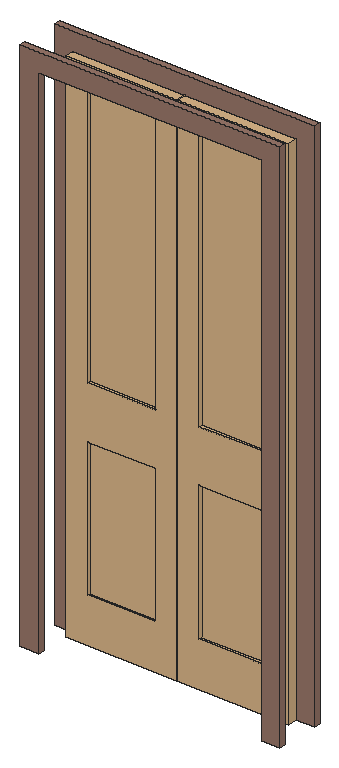
Revit family
Parameters (values of type "36" x 84"")
  Thickness = 0' - 1 1/2"
  Assembly Code = "C1020"
  Door Material = Door - Panel
  Frame Material = Door - Frame
  Height = 7' - 0"
  Trim Projection Ext = 0' - 1"
  Trim Projection Int = 0' - 1"
  Trim Width = 0' - 3"
  Wall Closure = (empty or 0)
  Width = 3' - 0"
Types (5): name | Height | Width
  36" x 84" | 7' - 0" | 3' - 0"
  32" x 84" | 7' - 0" | 2' - 8"
  30" x 84" | 7' - 0" | 2' - 6"
  30" x 80" | 6' - 8" | 2' - 6"
  36" x 80" | 6' - 8" | 3' - 0"
Reference planes (in)
  plane 1: y = 0
  plane 2: z = 0
  plane 3: x = 0
  plane 4: x = -18
  plane 5: x = 18
  plane 6: z = 84
  plane 7: x = 2
  plane 8: x = -14
  plane 9: z = 7.25
  plane 10: z = 80.5
  plane 11: z = 29.5
  plane 12: z = 37.9968
  plane 13: x = -14.5
  plane 14: x = -3.5
  plane 15: x = 3.5
  plane 16: x = 14.5
  plane 17: y = 2
  plane 18: y = 2.5
  plane 19: y = 3
Forms (in)
  Extrusion 1, solid, material "Door - Panel" <- "Door Material"
    sketch origin (0, 0, 0) x (1, 0, 0) y (0, 0, 1)
      loop
        line (0, 84) -> (0, 0) -> (18, 0) -> (18, 84) -> (0, 84)
      loop
        line (14.5, 80.5) -> (3.5, 80.5) -> (3.5, 37.9968) -> (14.5, 37.9968) -> (14.5, 80.5)
      loop
        line (14.5, 29.5) -> (3.5, 29.5) -> (3.5, 7.25) -> (14.5, 7.25) -> (14.5, 29.5)
    from -3 to -1.5
  Extrusion 2, solid, material "Door - Frame" <- "Frame Material"
    sketch origin (-60, -3, 0) x (1, 0, 0) y (0, 0, 1)
      loop
        line (39, 87) -> (39, 0) -> (42, 0) -> (42, 84) -> (78, 84) -> (78, 0) -> (81, 0) -> (81, 87) -> (39, 87)
    from 0 to 1
  Extrusion 3, solid, material "Door - Frame" <- "Frame Material"
    sketch origin (-60, 3, 0) x (-1, 0, 0) y (0, 0, 1)
      loop
        line (-81, 87) -> (-81, 0) -> (-78, 0) -> (-78, 84) -> (-42, 84) -> (-42, 0) -> (-39, 0) -> (-39, 87) -> (-81, 87)
    from 0 to 1
  Extrusion 4, solid, material "Door - Panel" <- "Door Material"
    sketch origin (0, 1.5, 0) x (0, 0, -1) y (1, 0, 0)
      loop
        line (-80.5, -3.5) -> (-80.5, -14.5) -> (-37.9968, -14.5) -> (-37.9968, -3.5) -> (-80.5, -3.5)
      loop
        line (-29.5, -3.5) -> (-29.5, -14.5) -> (-7.25, -14.5) -> (-7.25, -3.5) -> (-29.5, -3.5)
      loop
        line (-80.5, 14.5) -> (-80.5, 3.5) -> (-37.9968, 3.5) -> (-37.9968, 14.5) -> (-80.5, 14.5)
      loop
        line (-29.5, 14.5) -> (-29.5, 3.5) -> (-7.25, 3.5) -> (-7.25, 14.5) -> (-29.5, 14.5)
    from -1 to -0.5
  Extrusion 5, solid, material "Door - Panel" <- "Door Material"
    sketch origin (0, 1.5, 0) x (0, 0, -1) y (1, 0, 0)
      loop
        line (-84, -18) -> (0, -18) -> (0, 0) -> (-84, 0) -> (-84, -18)
      loop
        line (-80.5, -14.5) -> (-37.9968, -14.5) -> (-37.9968, -3.5) -> (-80.5, -3.5) -> (-80.5, -14.5)
      loop
        line (-29.5, -14.5) -> (-7.25, -14.5) -> (-7.25, -3.5) -> (-29.5, -3.5) -> (-29.5, -14.5)
    from -1.5 to 0
Lines and regions (in)
  Opening 1
    outline origin (-60, -3, 144) x (0, 0, -1) y (1, 0, 0)
      loop
        line (60, 42) -> (144, 42) -> (144, 78) -> (60, 78) -> (60, 42)
  model lines, style "DoorsFrameMullionProjection"
    curve 1: line (-21, -3, 0) -> (-21, -3, 87)
    curve 2: line (-21, -3, 87) -> (21, -3, 87)
    curve 3: line (21, -3, 87) -> (21, -3, 0)
    curve 4: line (21, 3, 0) -> (21, 3, 87)
    curve 5: line (-21, 3, 87) -> (21, 3, 87)
    curve 6: line (-21, 3, 87) -> (-21, 3, 0)
  symbolic lines, style "DoorsPanelProjection"
    curve 7: line (-13.99907, 2.99846, 0) -> (1.19587, 12.64801, 0)
    curve 8: line (-13.19494, 1.73221, 0) -> (-13.99907, 2.99846, 0)
    curve 9: line (2, 11.38176, 0) -> (-13.19494, 1.73221, 0)
    curve 10: line (1.19587, 12.64801, 0) -> (2, 11.38176, 0)
    curve 13: line (17.99907, 2.99846, 0) -> (2.80413, 12.64801, 0)
    curve 14: line (17.19494, 1.73221, 0) -> (17.99907, 2.99846, 0)
    curve 15: line (2, 11.38176, 0) -> (17.19494, 1.73221, 0)
    curve 16: line (2.80413, 12.64801, 0) -> (2, 11.38176, 0)
  symbolic lines, style "InvisibleLines", detail levels coarse
    curve 11: line (18, 3, 0) -> (2, 11.38176, 0)
    curve 12: line (2, 11.38176, 0) -> (-14, 3, 0)
  symbolic lines, style "Elevation Swing"
    curve 17: line (-18, 0, 84) -> (0, 0, 42)
    curve 18: line (0, 0, 42) -> (-14.5, 0, 0)
    curve 19: line (0, 0, 84) -> (18, 0, 42)
    curve 20: line (0, 0, 0) -> (18, 0, 42)
Dimensions and locks (in)
  equal spacing: plane 4, plane 3, plane 5
  "Width": plane 4 to plane 5
  "Height": plane 6 to plane 2
  "Trim Width": plane 4 to curve 1
  "Trim Width": plane 5 to curve 3
  "Trim Width": plane 6 to curve 2
  locked: curve 5 to host wall
  "Trim Projection Ext": Extrusion 3 to host wall
  "Trim Projection Int": Extrusion 2 to host wall
  locked: Extrusion 1 to host wall at 1.5
  equal spacing: plane 8, plane 7, plane 5
  plane 4 to plane 8 = 0' - 4"
  plane 12 to plane 11 to plane 9 to plane 2 = 0' - 8.4968", 1' - 10 1/4", 0' - 7 1/4"
  plane 6 to plane 10 = 0' - 3 1/2"
  locked: plane 4 to plane 13 at 3.5
  locked: plane 14 to plane 3 at 3.5
  locked: plane 3 to plane 15 at 3.5
  locked: plane 16 to plane 5 at 3.5
  locked: plane 18 to plane 17 at 0.5
  locked: host wall to Extrusion 5 at 1.5
  equal spacing: plane 6, curve 18, plane 2
  equal spacing: plane 6, curve 20, plane 2
  locked: plane 19 to host wall at 0
  locked: plane 17 to plane 19 at 1
  aligned and locked: host wall to Extrusion 1
  aligned and locked: plane 2 to curve 1
  aligned and locked: curve 3 to level
  aligned and locked: curve 4 to curve 3
  aligned and locked: curve 2 to Extrusion 2 sketch curve
  aligned and locked: Extrusion 2 sketch curve to curve 1
  aligned and locked: Extrusion 2 sketch curve to curve 3
  aligned and locked: Extrusion 2 to Extrusion 3 sketch curve
  aligned and locked: Extrusion 3 sketch curve to Extrusion 2  (x2)
  aligned and locked: Extrusion 1 sketch curve to plane 3
  aligned and locked: plane 16 to Extrusion 1 sketch curve  (x2)
  aligned and locked: Extrusion 1 sketch curve to plane 10
  aligned and locked: plane 12 to Extrusion 1 sketch curve
  aligned and locked: plane 15 to Extrusion 1 sketch curve  (x2)
  aligned and locked: Extrusion 1 sketch curve to plane 11
  aligned and locked: plane 9 to Extrusion 1 sketch curve
  aligned and locked: plane 13 to Extrusion 4 sketch curve
  aligned and locked: Extrusion 4 sketch curve to Extrusion 1  (x8)
  aligned and locked: Extrusion 5 sketch curve to host wall
  aligned and locked: Extrusion 5 sketch curve to Extrusion 1  (x2)
  aligned and locked: host wall to Extrusion 5
  aligned and locked: Extrusion 5 sketch curve to Extrusion 4  (x8)
  aligned and locked: Extrusion 4 to plane 18
  aligned and locked: plane 17 to Extrusion 4
Automatic sketch dimensions
  Opening 1 sketch curve to plane 6 = 0' - 0"
  Opening 1 sketch curve to level = 0' - 0"
  Opening 1 sketch curve to plane 4 = 0' - 0"
  Opening 1 sketch curve to plane 5 = 0' - 0"
  Extrusion 2 sketch curve to level = 0' - 0"  (x2)
  Extrusion 2 sketch curve to plane 4 = 0' - 0"
  Extrusion 2 sketch curve to plane 5 = 0' - 0"
  Extrusion 2 sketch curve to plane 6 = 0' - 0"
  Extrusion 3 sketch curve to level = 0' - 0"  (x2)
  Extrusion 3 sketch curve to plane 5 = 0' - 0"
  Extrusion 3 sketch curve to plane 4 = 0' - 0"
  Extrusion 3 sketch curve to plane 6 = 0' - 0"
  curve 12 to host wall = 0' - 0"
  curve 12 to plane 8 = 0' - 0"
  curve 9 to plane 7 = 0' - 0"
  curve 11 to plane 5 = 0' - 0"
  plane 8 to curve 7 = 0' - 0.00093"
  plane 8 to curve 8 = 0' - 0.80506"
  plane 7 to curve 16 = 0' - 0.80413"
  plane 5 to curve 14 = 0' - 0.80506"
  curve 14 to host wall = 0' - 0.00154"
  curve 7 to host wall = 0' - 0.00154"
  curve 9 to curve 8 = 0' - 1.26624"
  curve 11 to host wall = 0' - 0"
  Extrusion 1 sketch curve to plane 5 = 0' - 0"
  Extrusion 1 sketch curve to level = 0' - 0"
  Extrusion 1 sketch curve to plane 6 = 0' - 0"
  Extrusion 4 sketch curve to plane 10 = 0' - 0"
  Extrusion 4 sketch curve to plane 12 = 0' - 0"
  Extrusion 4 sketch curve to plane 11 = 0' - 0"
  Extrusion 4 sketch curve to plane 9 = 0' - 0"
  Extrusion 4 sketch curve to plane 13 = 0' - 0"
  Extrusion 4 sketch curve to plane 14 = 0' - 0"  (x2)
  Extrusion 5 sketch curve to plane 4 = 0' - 0"
  curve 17 to plane 4 = 0' - 0"
  curve 17 to plane 6 = 0' - 0"
  curve 19 to plane 3 = 0' - 0"
  curve 19 to plane 6 = 0' - 0"
  curve 20 to plane 5 = 0' - 0"
  curve 6 to level = 0' - 0"
  curve 4 to level = 0' - 0"
  curve 20 to level = 0' - 0"
  curve 18 to level = 0' - 0"
  curve 18 to plane 13 = 0' - 0"
  curve 17 to plane 3 = 0' - 0"
  curve 20 to plane 3 = 0' - 0"
  curve 6 to curve 1 = 0' - 0"  (x2)
